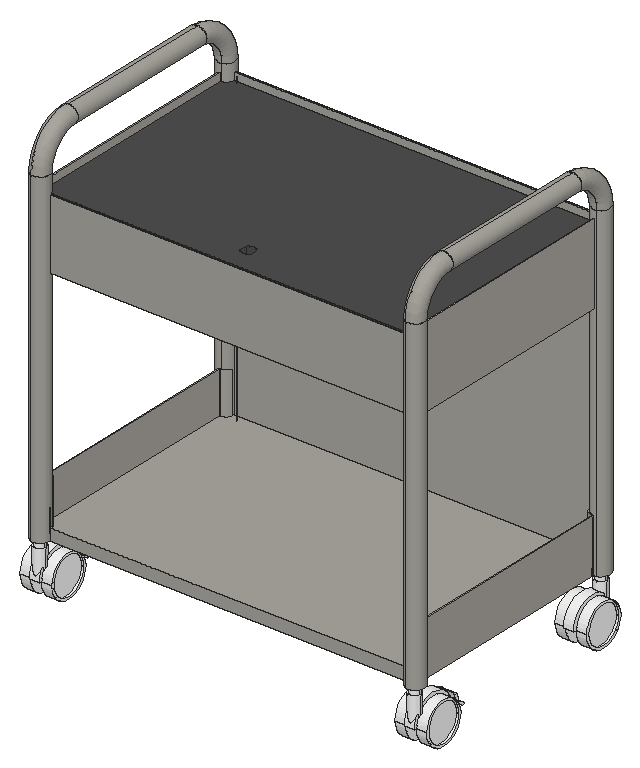
Revit family "Storage-Teknion-CQCPT_Routes_Personal_Tote-R2018", category Furniture, Revit 2018
Family settings
  OmniClass Number = 23.40.20.00
  OmniClass Title = General Furniture and Specialties
  Work Plane-Based = No
  Always vertical = Yes
  Cut with Voids When Loaded = No
  Shared = Yes
  Room Calculation Point = No
Parameters (values of type "Drawer Lock, Keyed Random, 14"d x 22"w")
  Warranty = "http://www.teknion.com/ca/papers/legal-canada"
  Unit Weight URL = "http://www.teknion.com/ca/tools/assets#&asset=bee6a381-b954-425e-8283-5a2de3a804f2,f828d448-4b62-4231-9e5f-9a8991c0ed77"
  URL = "www.teknion.com"
  To render please download texture images found here [instance] = "https://assets.teknion.com/web/5e81352c1dfdb467/revit-material-swatches/"
  Sustainability Data = "https://www.teknion.com/ca/tools/assets#&topic=216f99a5-57a0-44fc-b10a-9dee9b29ae4c&asset=444deb64-fe58-4b68-981e-f75e97781df7,b4ff2d81-9f2e-437d-9659-7cffb09c31cf"
  Surface Finish [instance] = Foundation Laminate-Teknion-6K-Matte-Black
  Series = "Routes"  # constant formula
  Product Page URL = "https://www.teknion.com/ca/products/all-products"
  Product Line = "Routes"  # constant formula
  Product Documentation Link = "https://assets.teknion.com/m/72af4764f50e983c/original/Routes-Reference-Guide.pdf"
  Part Number = "CQCPT"  # constant formula
  Model = "CQCPTY1422"
  Metal Frame Finish [instance] = Paint - Teknion - Mica - Titanium Grey
  Manufacturer Phone = "416-661-3370"  # constant formula
  Manufacturer Fax = "416.661.4586"  # constant formula
  Manufacturer Contact Information = "http://www.teknion.com/ca/contactus"
  Manufacturer Address = "1150 Flint Road, Toronto, ON. M3J 2J5. Canada"  # constant formula
  Manufacturer = "Teknion"  # constant formula
  Key Lock Cut Hole Depth [instance] = 4.1021"
  How To Use Teknion Materials User Guide [instance] = "https://assets.teknion.com/m/205dd0a49fa58060/original/How-to-add-a-Material-Library-and-Texture-Images-to-your-Revit-project.pdf"
  2D Lock = yes
  For Additional Finishes please visit [instance] = "https://assets.teknion.com/m/44a8009b046e5d47/original/Teknion_Materials_Library.zip"
  Description = "Routes Personal Tote, Drawer Lock, Keyed Random, 14\" Depth, 22\" Width"
  Assembly Code = "E2020200"
Reference planes (in)
  plane 1 "Center Front/Back": y = -0.83736
  plane 2: z = 0
  plane 3 "Center Left/Right": x = 0.32923
  plane 4 "Left": x = -11.06077
  plane 5 "Right": x = 11.71923
  plane 6 "Back": y = 6.16249
  plane 7 "Front": y = -7.83722
  plane 8 "Top": z = 24.03955
Forms (in)
  Sweep 1, solid, material "Paint - Teknion - Mica - Titanium Grey" <- "Metal Frame Finish"
    path in 3D
      loop
        line (-10.17077, 6.16225, 3.17556) -> (-10.17077, 6.16225, 21.53956)
        arc (-10.17077, 6.16225, 21.53956) -> (-10.17077, 5.43001, 23.30733) -> (-10.17077, 3.66225, 24.03956) r 2.5
    profile origin (-10.17077, 6.16225, 12.35756) x (-0.326186, 0.945305, 0) y (-0.945305, -0.326186, 0)
      loop
        circle (-0.47417, 0.16231) r 0.5
  Sweep 2, solid, material "Paint - Teknion - Mica - Titanium Grey" <- "Metal Frame Finish"
    path in 3D
      loop
        line (10.83025, -7.83605, 3.17556) -> (10.83025, -7.83605, 21.53956)
        arc (10.83025, -7.83605, 21.53956) -> (10.83025, -7.10382, 23.30733) -> (10.83025, -5.33605, 24.03956) r 2.5
    profile origin (10.83025, -7.83605, 12.35756) x (0.326186, 0.945305, 0) y (-0.945305, 0.326186, 0)
      loop
        circle (0.47417, 0.16231) r 0.5
  Sweep 3, solid, material "Paint - Teknion - Mica - Titanium Grey" <- "Metal Frame Finish"
    path in 3D
      loop
        line (10.83025, 6.16317, 3.17556) -> (10.83025, 6.16317, 21.53956)
        arc (10.83025, 6.16317, 21.53956) -> (10.83025, 5.43094, 23.30733) -> (10.83025, 3.66317, 24.03956) r 2.5
    profile origin (10.83025, 6.16317, 12.35756) x (-0.326186, 0.945305, 0) y (-0.945305, -0.326186, 0)
      loop
        circle (-0.47417, 0.16231) r 0.5
  Sweep 4, solid, material "Paint - Teknion - Mica - Titanium Grey" <- "Metal Frame Finish"
    path in 3D
      loop
        line (10.33025, 3.66395, 23.53956) -> (10.33025, -5.33605, 23.53956)
    profile origin (10.33025, -0.83605, 23.53956) x (0, 0, 1) y (-1, 0, 0)
      loop
        circle (0, -0.49933) r 0.5
  Sweep 5, solid, material "Paint - Teknion - Mica - Titanium Grey" <- "Metal Frame Finish"
    path origin (0, -0.83736, 0) x (1, 0, 0) y (0, 0, 1)
      loop
        line (0.32923, 3.86056) -> (0.32923, 3.17556)
    profile origin (0.32923, -0.83736, 3.51806) x (0, -1, 0) y (1, 0, 0)
      loop
        line (6.4884, -9.97256) -> (6.4884, 9.97275)
        arc (6.4884, 9.97275) -> (6.17286, 10.09189) -> (5.99834, 10.38051) r 0.51596
        arc (5.99834, 10.38051) -> (5.96789, 10.42351) -> (5.91785, 10.44) r 0.08419
        line (5.91785, 10.44) -> (-5.91761, 10.44)
        arc (-5.91761, 10.44) -> (-5.96757, 10.42353) -> (-5.99795, 10.38059) r 0.08403
        arc (-5.99795, 10.38059) -> (-6.14711, 10.11444) -> (-6.42048, 9.97896) r 0.5163
        line (-6.42048, 9.97896) -> (-6.42048, -9.97876)
        arc (-6.42048, -9.97876) -> (-6.14722, -10.11406) -> (-5.99797, -10.37995) r 0.51627
        arc (-5.99797, -10.37995) -> (-5.96759, -10.42292) -> (-5.91761, -10.43939) r 0.08404
        line (-5.91761, -10.43939) -> (5.91786, -10.43939)
        arc (5.91786, -10.43939) -> (5.96791, -10.42291) -> (5.99835, -10.3799) r 0.0842
        arc (5.99835, -10.3799) -> (6.17297, -10.09153) -> (6.4884, -9.97256) r 0.51594
  Sweep 6, solid, material "Foundation Laminate-Teknion-6K-Matte-Black" <- "Surface Finish"
    path origin (0, -0.83736, 0) x (1, 0, 0) y (0, 0, 1)
      loop
        line (0.32923, 20.62495) -> (0.32923, 19.93745)
    profile origin (0.32923, -0.83736, 20.2812) x (0, -1, 0) y (1, 0, 0)
      loop
        arc (-6.42439, -9.99976) -> (-6.14549, -10.14456) -> (-6.00174, -10.424) r 0.51768
        line (-6.00174, -10.424) -> (6.00174, -10.424)
        arc (6.00174, -10.424) -> (6.14521, -10.14484) -> (6.42361, -9.99989) r 0.51768
        line (6.42361, -9.99989) -> (6.42361, 10.00775)
        arc (6.42361, 10.00775) -> (6.14552, 10.14715) -> (6.00367, 10.424) r 0.5
        line (6.00367, 10.424) -> (-6.00552, 10.424)
        arc (-6.00552, 10.424) -> (-6.14698, 10.14753) -> (-6.42439, 10.00791) r 0.5
        line (-6.42439, 10.00791) -> (-6.42439, -9.99976)
  Sweep 7, solid, material "Paint - Teknion - Mica - Titanium Grey" <- "Metal Frame Finish"
    path origin (0, 0, 0) x (1, 0, 0) y (0, 1, 0)
      loop
        line (0.32923, -7.33247) -> (0.32923, -7.26735)
    profile origin (0.32923, -7.29991, 0) x (-1, 0, 0) y (0, 0, 1)
      loop
        line (9.815, 20.56175) -> (-9.815, 20.56175)
        arc (-9.815, 20.56175) -> (-9.90339, 20.52514) -> (-9.94, 20.43675) r 0.125
        line (-9.94, 20.43675) -> (-9.94, 16.74875)
        arc (-9.94, 16.74875) -> (-9.90339, 16.66036) -> (-9.815, 16.62375) r 0.125
        line (-9.815, 16.62375) -> (9.815, 16.62375)
        arc (9.815, 16.62375) -> (9.90339, 16.66036) -> (9.94, 16.74875) r 0.125
        line (9.94, 16.74875) -> (9.94, 20.43675)
        arc (9.94, 20.43675) -> (9.90339, 20.52514) -> (9.815, 20.56175) r 0.125
  Sweep 8, solid, material "Paint - Teknion - Mica - Titanium Grey" <- "Metal Frame Finish"
    path origin (0, 0, 0) x (1, 0, 0) y (0, 1, 0)
      loop
        line (0.32923, -7.26735) -> (0.32923, 5.60303)
    profile origin (0.32923, -0.83216, 0) x (-1, 0, 0) y (0, 0, 1)
      loop
        line (-9.874, 16.86402) -> (9.874, 16.86402) -> (9.874, 19.93745) -> (-9.874, 19.93745) -> (-9.874, 16.86402)
  Sweep 9, solid, material "Paint - Teknion - Mica - Titanium Grey" <- "Metal Frame Finish"
    path origin (0, 0, 0) x (1, 0, 0) y (0, 1, 0)
      loop
        line (-10.17077, -0.83736) -> (-10.11077, -0.83736)
    profile origin (-10.14077, -0.83736, 0) x (0, 1, 0) y (0, 0, 1)
      loop
        line (-6.00174, 16.53956) -> (6.00174, 16.53956) -> (6.00174, 21.03956) -> (-6.00174, 21.03956) -> (-6.00174, 16.53956)
  Sweep 10, solid, material "Paint - Teknion - Mica - Titanium Grey" <- "Metal Frame Finish"
    path origin (0.65847, 0, 0) x (-1, 0, 0) y (0, 1, 0)
      loop
        line (-10.17077, -0.83736) -> (-10.11077, -0.83736)
    profile origin (10.79923, -0.83736, 0) x (0, -1, 0) y (0, 0, 1)
      loop
        line (6.00174, 16.53956) -> (6.00174, 21.03956) -> (-6.00174, 21.03956) -> (-6.00174, 16.53956) -> (6.00174, 16.53956)
  Sweep 11, solid, material "Paint - Teknion - Mica - Titanium Grey" <- "Metal Frame Finish"
    path origin (0, 0, 0) x (1, 0, 0) y (0, 1, 0)
      loop
        line (0.32923, 5.66303) -> (0.32923, 5.60303)
    profile origin (0.32923, 5.63303, 0) x (1, 0, 0) y (0, 0, 1)
      loop
        line (9.99253, 21.03956) -> (-9.99253, 21.03956) -> (-9.99253, 3.17556) -> (9.99253, 3.17556) -> (9.99253, 21.03956)
  Sweep 12, solid, material "Paint - Teknion - Mica - Titanium Grey" <- "Metal Frame Finish"
    path origin (0.32923, 0, 0) x (0, 1, 0) y (0, 0, 1)
      loop
        line (-0.83736, 6.17556) -> (-0.83736, 3.17556)
    profile origin (0.32923, -0.83736, 4.67556) x (1, 0, 0) y (0, 1, 0)
      loop
        line (-10.44, -5.90952) -> (-10.44, 5.91031)
        arc (-10.44, 5.91031) -> (-10.43227, 5.93259) -> (-10.4124, 5.94531) r 0.036
        arc (-10.4124, 5.94531) -> (-10.1622, 6.05283) -> (-9.99177, 6.26523) r 0.5628
        line (-9.99177, 6.26523) -> (-10.04622, 6.29043)
        arc (-10.04622, 6.29043) -> (-10.19861, 6.09706) -> (-10.42642, 6.00369) r 0.48397
        arc (-10.42642, 6.00369) -> (-10.47939, 5.96975) -> (-10.5, 5.91031) r 0.09605
        line (-10.5, 5.91031) -> (-10.5, -5.90952)
        arc (-10.5, -5.90952) -> (-10.47622, -5.973) -> (-10.41659, -6.00523) r 0.09661
        arc (-10.41659, -6.00523) -> (-10.19333, -6.09738) -> (-10.04326, -6.28663) r 0.47981
        line (-10.04326, -6.28663) -> (-9.98888, -6.26127)
        arc (-9.98888, -6.26127) -> (-10.14199, -6.06599) -> (-10.36445, -5.95604) r 0.56
        line (-10.36445, -5.95604) -> (-10.4124, -5.94453)
        arc (-10.4124, -5.94453) -> (-10.43227, -5.93181) -> (-10.44, -5.90952) r 0.036
  Sweep 13, solid, material "Paint - Teknion - Mica - Titanium Grey" <- "Metal Frame Finish"
    path origin (0.32923, 0, 0) x (0, 1, 0) y (0, 0, -1)
      loop
        line (-0.83736, -6.17556) -> (-0.83736, -3.17556)
    profile origin (0.32923, -0.83736, 4.67556) x (-1, 0, 0) y (0, -1, 0)
      loop
        arc (-10.44, 5.90952) -> (-10.43227, 5.93181) -> (-10.4124, 5.94453) r 0.036
        line (-10.4124, 5.94453) -> (-10.36445, 5.95604)
        arc (-10.36445, 5.95604) -> (-10.14199, 6.06599) -> (-9.98888, 6.26127) r 0.56
        line (-9.98888, 6.26127) -> (-10.04326, 6.28663)
        arc (-10.04326, 6.28663) -> (-10.19333, 6.09738) -> (-10.41659, 6.00523) r 0.47981
        arc (-10.41659, 6.00523) -> (-10.47622, 5.973) -> (-10.5, 5.90952) r 0.09661
        line (-10.5, 5.90952) -> (-10.5, -5.91031)
        arc (-10.5, -5.91031) -> (-10.47939, -5.96975) -> (-10.42642, -6.00369) r 0.09605
        arc (-10.42642, -6.00369) -> (-10.19861, -6.09706) -> (-10.04622, -6.29043) r 0.48397
        line (-10.04622, -6.29043) -> (-9.99177, -6.26523)
        arc (-9.99177, -6.26523) -> (-10.1622, -6.05283) -> (-10.4124, -5.94531) r 0.5628
        arc (-10.4124, -5.94531) -> (-10.43227, -5.93259) -> (-10.44, -5.91031) r 0.036
        line (-10.44, -5.91031) -> (-10.44, 5.90952)
  Sweep 14, solid, material "Paint - Teknion - Mica - Very White"
    path origin (0, 0, 0) x (1, 0, 0) y (0, 1, 0)
      loop
        line (-11.06077, 4.73731) -> (-10.49577, 4.73731)
    profile origin (-10.77827, 4.73731, 0) x (0, 1, 0) y (0, 0, 1)
      loop
        circle (0.00391, 1.17857) r 1.17251
  Sweep 15, void
    path origin (0, 0, 0) x (1, 0, 0) y (0, 1, 0)
      loop
        line (-11.06077, 4.79585) -> (-10.88577, 4.79585)
    profile origin (-10.97327, 4.79585, 0) x (0, 1, 0) y (0, 0, 1)
      loop
        circle (-0.05464, 1.17857) r 1.07296
  Sweep 16, solid, material "Paint - Teknion - Mica - Very White"
    path origin (-20.34153, 9.48243, 0) x (-1, 0, 0) y (0, -1, 0)
      loop
        line (-11.06077, 4.73731) -> (-10.49577, 4.73731)
    profile origin (-9.56327, 4.74512, 0) x (0, -1, 0) y (0, 0, 1)
      loop
        circle (0.00391, 1.17857) r 1.17251
  Sweep 17, void
    path origin (-20.34153, 9.48243, 0) x (-1, 0, 0) y (0, -1, 0)
      loop
        line (-11.06077, 4.79585) -> (-10.88577, 4.79585)
    profile origin (-9.36827, 4.68658, 0) x (0, -1, 0) y (0, 0, 1)
      loop
        circle (-0.05464, 1.17857) r 1.07296
  Sweep 18, solid, material "Paint - Teknion - Mica - Very White"
    path origin (0, 0, 0) x (1, 0, 0) y (0, 1, 0)
      loop
        line (-10.45577, 4.34909) -> (-9.88577, 4.34909)
    profile origin (-10.17077, 4.34909, 0) x (0, 1, 0) y (0, 0, 1)
      loop
        line (-0.94126, 1.17745) -> (-0.72901, 1.17745)
        arc (-0.72901, 1.17745) -> (0.37107, 2.27753) -> (1.47114, 1.17745) r 1.10008
        line (1.47114, 1.17745) -> (1.68099, 1.17745)
        arc (1.68099, 1.17745) -> (0.36987, 2.48858) -> (-0.94126, 1.17745) r 1.31112
  Sweep 19, solid, material "Paint - Teknion - Mica - Very White"
    path origin (0.32923, 0, 0) x (0, 1, 0) y (0, 0, 1)
      loop
        line (5.66303, 2.79995) -> (5.66303, 1.29995)
    profile origin (0.32923, 5.66303, 2.04995) x (1, 0, 0) y (0, 1, 0)
      loop
        circle (-10.50134, -0.00212) r 0.33407
  Sweep 20, solid, material "Paint - Teknion - Mica - Very White"
    path origin (0.32923, 0, 0) x (0, 1, 0) y (0, 0, 1)
      loop
        line (5.62578, 3.55745) -> (5.62578, 1.80495)
    profile origin (0.32923, 5.62578, 2.6812) x (1, 0, 0) y (0, 1, 0)
      loop
        circle (-10.50108, 0.03791) r 0.26778
  Sweep 21, solid, material "Paint - Teknion - Mica - Very White"
    path origin (0, -1.71119, 0) x (1, 0, 0) y (0, -1, 0)
      loop
        line (-11.06077, 4.73731) -> (-10.49577, 4.73731)
    profile origin (-10.77827, -6.4485, 0) x (0, 1, 0) y (0, 0, 1)
      loop
        circle (-0.00391, 1.17857) r 1.17251
  Sweep 22, solid, material "Paint - Teknion - Mica - Very White"
    path origin (-20.34153, -11.19362, 0) x (-1, 0, 0) y (0, 1, 0)
      loop
        line (-11.06077, 4.73731) -> (-10.49577, 4.73731)
    profile origin (-9.56327, -6.45631, 0) x (0, -1, 0) y (0, 0, 1)
      loop
        circle (-0.00391, 1.17857) r 1.17251
  Sweep 23, solid, material "Paint - Teknion - Mica - Very White"
    path origin (0, -1.71119, 0) x (1, 0, 0) y (0, -1, 0)
      loop
        line (-10.45577, 4.34909) -> (-9.88577, 4.34909)
    profile origin (-10.17077, -6.06028, 0) x (0, 1, 0) y (0, 0, 1)
      loop
        arc (0.94126, 1.17745) -> (-0.36987, 2.48858) -> (-1.68099, 1.17745) r 1.31112
        line (-1.68099, 1.17745) -> (-1.47114, 1.17745)
        arc (-1.47114, 1.17745) -> (-0.37107, 2.27753) -> (0.72901, 1.17745) r 1.10008
        line (0.72901, 1.17745) -> (0.94126, 1.17745)
  Sweep 24, solid, material "Paint - Teknion - Mica - Very White"
    path origin (0.32923, -1.71119, 0) x (0, -1, 0) y (0, 0, 1)
      loop
        line (5.66303, 2.79995) -> (5.66303, 1.29995)
    profile origin (0.32923, -7.37422, 2.04995) x (1, 0, 0) y (0, 1, 0)
      loop
        circle (-10.50134, 0.00212) r 0.33407
  Sweep 25, solid, material "Paint - Teknion - Mica - Very White"
    path origin (0.32923, -1.71119, 0) x (0, -1, 0) y (0, 0, 1)
      loop
        line (5.62578, 3.55745) -> (5.62578, 1.80495)
    profile origin (0.32923, -7.33697, 2.6812) x (1, 0, 0) y (0, 1, 0)
      loop
        circle (-10.50108, -0.03791) r 0.26778
  Sweep 26, void
    path origin (0, -11.19362, 0) x (1, 0, 0) y (0, 1, 0)
      loop
        line (-11.06077, 4.79585) -> (-10.88577, 4.79585)
    profile origin (-10.97327, -6.39777, 0) x (0, 1, 0) y (0, 0, 1)
      loop
        circle (-0.05464, 1.17857) r 1.07296
  Sweep 27, void
    path origin (-20.34153, -1.71119, 0) x (-1, 0, 0) y (0, -1, 0)
      loop
        line (-11.06077, 4.79585) -> (-10.88577, 4.79585)
    profile origin (-9.36827, -6.50704, 0) x (0, -1, 0) y (0, 0, 1)
      loop
        circle (-0.05464, 1.17857) r 1.07296
  Sweep 28, solid, material "Paint - Teknion - Mica - Very White"
    path origin (-21, 0, 0) x (1, 0, 0) y (0, 1, 0)
      loop
        line (10.39173, -4.74328) -> (11.26673, -4.74328)
    profile origin (-10.17077, -4.74328, 0) x (0, 1, 0) y (0, 0, 1)
      loop
        arc (0.15534, 1.0953) -> (0.23986, 1.12115) -> (0.21402, 1.20567) r 0.0625
        line (0.21402, 1.20567) -> (-0.1214, 1.38402)
        arc (-0.1214, 1.38402) -> (-0.16594, 1.61327) -> (-0.24722, 1.8322) r 1.42918
        arc (-0.24722, 1.8322) -> (-0.33076, 1.9229) -> (-0.4513, 1.94886) r 0.20394
        arc (-0.4513, 1.94886) -> (-0.31375, 1.65142) -> (-0.24144, 1.33179) r 1.55841
        arc (-0.24144, 1.33179) -> (-0.23847, 1.3136) -> (-0.22745, 1.29884) r 0.03881
        line (-0.22745, 1.29884) -> (0.15534, 1.0953)
  Sweep 29, solid, material "Paint - Teknion - Mica - Very White"
    path origin (-21, 0, 0) x (1, 0, 0) y (0, 1, 0)
      loop
        line (10.64173, -5.5455) -> (11.01673, -5.5455)
    profile origin (-10.17077, -5.5455, 0) x (0, 1, 0) y (0, 0, 1)
      loop
        line (-0.0768, 1.47826) -> (-0.90327, 1.17745) -> (-0.03725, 0.67745)
        arc (-0.03725, 0.67745) -> (0.43372, 0.61214) -> (0.81684, 0.89373) r 0.63177
        line (0.81684, 0.89373) -> (0.93141, 1.1092) -> (0.61307, 1.27847) -> (0.61307, 1.06223)
        arc (0.61307, 1.06223) -> (0.43892, 0.86442) -> (0.19938, 0.97429) r 0.22081
        line (0.19938, 0.97429) -> (-0.0768, 1.47826)
  Sweep 30, solid, material "Paint - Teknion - Mica - Very White"
    path origin (21, 0, 0) x (1, 0, 0) y (0, 1, 0)
      loop
        line (-11.06077, 4.73731) -> (-10.49577, 4.73731)
    profile origin (10.22173, 4.73731, 0) x (0, 1, 0) y (0, 0, 1)
      loop
        circle (0.00391, 1.17857) r 1.17251
  Sweep 31, void
    path origin (21, 0, 0) x (1, 0, 0) y (0, 1, 0)
      loop
        line (-11.06077, 4.79585) -> (-10.88577, 4.79585)
    profile origin (10.02673, 4.79585, 0) x (0, 1, 0) y (0, 0, 1)
      loop
        circle (-0.05464, 1.17857) r 1.07296
  Sweep 32, solid, material "Paint - Teknion - Mica - Very White"
    path origin (0.65847, 9.48243, 0) x (-1, 0, 0) y (0, -1, 0)
      loop
        line (-11.06077, 4.73731) -> (-10.49577, 4.73731)
    profile origin (11.43673, 4.74512, 0) x (0, -1, 0) y (0, 0, 1)
      loop
        circle (0.00391, 1.17857) r 1.17251
  Sweep 33, void
    path origin (0.65847, 9.48243, 0) x (-1, 0, 0) y (0, -1, 0)
      loop
        line (-11.06077, 4.79585) -> (-10.88577, 4.79585)
    profile origin (11.63173, 4.68658, 0) x (0, -1, 0) y (0, 0, 1)
      loop
        circle (-0.05464, 1.17857) r 1.07296
  Sweep 34, solid, material "Paint - Teknion - Mica - Very White"
    path origin (21, 0, 0) x (1, 0, 0) y (0, 1, 0)
      loop
        line (-10.45577, 4.34909) -> (-9.88577, 4.34909)
    profile origin (10.82923, 4.34909, 0) x (0, 1, 0) y (0, 0, 1)
      loop
        line (-0.94126, 1.17745) -> (-0.72901, 1.17745)
        arc (-0.72901, 1.17745) -> (0.37107, 2.27753) -> (1.47114, 1.17745) r 1.10008
        line (1.47114, 1.17745) -> (1.68099, 1.17745)
        arc (1.68099, 1.17745) -> (0.36987, 2.48858) -> (-0.94126, 1.17745) r 1.31112
  Sweep 35, solid, material "Paint - Teknion - Mica - Very White"
    path origin (21.32923, 0, 0) x (0, 1, 0) y (0, 0, 1)
      loop
        line (5.66303, 2.79995) -> (5.66303, 1.29995)
    profile origin (21.32923, 5.66303, 2.04995) x (1, 0, 0) y (0, 1, 0)
      loop
        circle (-10.50134, -0.00212) r 0.33407
  Sweep 36, solid, material "Paint - Teknion - Mica - Very White"
    path origin (21.32923, 0, 0) x (0, 1, 0) y (0, 0, 1)
      loop
        line (5.62578, 3.55745) -> (5.62578, 1.80495)
    profile origin (21.32923, 5.62578, 2.6812) x (1, 0, 0) y (0, 1, 0)
      loop
        circle (-10.50108, 0.03791) r 0.26778
  Sweep 37, solid, material "Paint - Teknion - Mica - Very White"
    path origin (21, -1.71119, 0) x (1, 0, 0) y (0, -1, 0)
      loop
        line (-11.06077, 4.73731) -> (-10.49577, 4.73731)
    profile origin (10.22173, -6.4485, 0) x (0, 1, 0) y (0, 0, 1)
      loop
        circle (-0.00391, 1.17857) r 1.17251
  Sweep 38, solid, material "Paint - Teknion - Mica - Very White"
    path origin (0.65847, -11.19362, 0) x (-1, 0, 0) y (0, 1, 0)
      loop
        line (-11.06077, 4.73731) -> (-10.49577, 4.73731)
    profile origin (11.43673, -6.45631, 0) x (0, -1, 0) y (0, 0, 1)
      loop
        circle (-0.00391, 1.17857) r 1.17251
  Sweep 39, solid, material "Paint - Teknion - Mica - Very White"
    path origin (21, -1.71119, 0) x (1, 0, 0) y (0, -1, 0)
      loop
        line (-10.45577, 4.34909) -> (-9.88577, 4.34909)
    profile origin (10.82923, -6.06028, 0) x (0, 1, 0) y (0, 0, 1)
      loop
        arc (0.94126, 1.17745) -> (-0.36987, 2.48858) -> (-1.68099, 1.17745) r 1.31112
        line (-1.68099, 1.17745) -> (-1.47114, 1.17745)
        arc (-1.47114, 1.17745) -> (-0.37107, 2.27753) -> (0.72901, 1.17745) r 1.10008
        line (0.72901, 1.17745) -> (0.94126, 1.17745)
  Sweep 40, solid, material "Paint - Teknion - Mica - Very White"
    path origin (21.32923, -1.71119, 0) x (0, -1, 0) y (0, 0, 1)
      loop
        line (5.66303, 2.79995) -> (5.66303, 1.29995)
    profile origin (21.32923, -7.37422, 2.04995) x (1, 0, 0) y (0, 1, 0)
      loop
        circle (-10.50134, 0.00212) r 0.33407
  Sweep 41, solid, material "Paint - Teknion - Mica - Very White"
    path origin (21.32923, -1.71119, 0) x (0, -1, 0) y (0, 0, 1)
      loop
        line (5.62578, 3.55745) -> (5.62578, 1.80495)
    profile origin (21.32923, -7.33697, 2.6812) x (1, 0, 0) y (0, 1, 0)
      loop
        circle (-10.50108, -0.03791) r 0.26778
  Sweep 42, void
    path origin (21, -11.19362, 0) x (1, 0, 0) y (0, 1, 0)
      loop
        line (-11.06077, 4.79585) -> (-10.88577, 4.79585)
    profile origin (10.02673, -6.39777, 0) x (0, 1, 0) y (0, 0, 1)
      loop
        circle (-0.05464, 1.17857) r 1.07296
  Sweep 43, void
    path origin (0.65847, -1.71119, 0) x (-1, 0, 0) y (0, -1, 0)
      loop
        line (-11.06077, 4.79585) -> (-10.88577, 4.79585)
    profile origin (11.63173, -6.50704, 0) x (0, -1, 0) y (0, 0, 1)
      loop
        circle (-0.05464, 1.17857) r 1.07296
  Sweep 44, solid, material "Paint - Teknion - Mica - Very White"
    path origin (0, 0, 0) x (1, 0, 0) y (0, 1, 0)
      loop
        line (10.39173, -4.74328) -> (11.26673, -4.74328)
    profile origin (10.82923, -4.74328, 0) x (0, 1, 0) y (0, 0, 1)
      loop
        arc (0.15534, 1.0953) -> (0.23986, 1.12115) -> (0.21402, 1.20567) r 0.0625
        line (0.21402, 1.20567) -> (-0.1214, 1.38402)
        arc (-0.1214, 1.38402) -> (-0.16594, 1.61327) -> (-0.24722, 1.8322) r 1.42918
        arc (-0.24722, 1.8322) -> (-0.33076, 1.9229) -> (-0.4513, 1.94886) r 0.20394
        arc (-0.4513, 1.94886) -> (-0.31375, 1.65142) -> (-0.24144, 1.33179) r 1.55841
        arc (-0.24144, 1.33179) -> (-0.23847, 1.3136) -> (-0.22745, 1.29884) r 0.03881
        line (-0.22745, 1.29884) -> (0.15534, 1.0953)
  Sweep 45, solid, material "Paint - Teknion - Mica - Very White"
    path origin (0, 0, 0) x (1, 0, 0) y (0, 1, 0)
      loop
        line (10.64173, -5.5455) -> (11.01673, -5.5455)
    profile origin (10.82923, -5.5455, 0) x (0, 1, 0) y (0, 0, 1)
      loop
        line (-0.0768, 1.47826) -> (-0.90327, 1.17745) -> (-0.03725, 0.67745)
        arc (-0.03725, 0.67745) -> (0.43372, 0.61214) -> (0.81684, 0.89373) r 0.63177
        line (0.81684, 0.89373) -> (0.93141, 1.1092) -> (0.61307, 1.27847) -> (0.61307, 1.06223)
        arc (0.61307, 1.06223) -> (0.43892, 0.86442) -> (0.19938, 0.97429) r 0.22081
        line (0.19938, 0.97429) -> (-0.0768, 1.47826)
  Sweep 46, void
    path origin (0, -0.83736, 0) x (1, 0, 0) y (0, 0, 1)
      loop
        line (0.32923, 24.03955) -> (0.32923, 19.93745)
    profile origin (0.32923, -0.83736, 21.9885) x (0, -1, 0) y (1, 0, 0)
      loop
        arc (5.24144, -0.31496) -> (5.41698, 0) -> (5.24144, 0.31496) r 0.37034
        line (5.24144, 0.31496) -> (4.83438, 0.31496)
        arc (4.83438, 0.31496) -> (4.66411, 0) -> (4.83438, -0.31496) r 0.37643
        line (4.83438, -0.31496) -> (5.24144, -0.31496)
  Sweep 47, solid, material "Paint - Teknion - Mica - Titanium Grey" <- "Metal Frame Finish"
    path in 3D
      loop
        line (-10.16975, -7.83605, 3.17556) -> (-10.16975, -7.83605, 21.53956)
        arc (-10.16975, -7.83605, 21.53956) -> (-10.16975, -7.10382, 23.30733) -> (-10.16975, -5.33605, 24.03956) r 2.5
    profile origin (-10.16975, -7.83605, 12.35756) x (0.326186, 0.945305, 0) y (-0.945305, 0.326186, 0)
      loop
        circle (0.47417, 0.16231) r 0.5
  Sweep 48, solid, material "Paint - Teknion - Mica - Titanium Grey" <- "Metal Frame Finish"
    path in 3D
      loop
        line (-10.66975, 3.66395, 23.53956) -> (-10.66975, -5.33605, 23.53956)
    profile origin (-10.66975, -0.83605, 23.53956) x (0, 0, 1) y (-1, 0, 0)
      loop
        circle (0, -0.49933) r 0.5
Cuts and joins
  Sweep 15, Sweep 17, Sweep 26, Sweep 31 cuts Sweep 14
  Sweep 17, Sweep 27, Sweep 33 cuts Sweep 16
  Sweep 26, Sweep 42 cuts Sweep 21
  Sweep 27, Sweep 43 cuts Sweep 22
  Sweep 31 cuts Sweep 30
  Sweep 33 cuts Sweep 32
  Sweep 42 cuts Sweep 37
  Sweep 43 cuts Sweep 38
  Sweep 46 cuts Sweep 6
Lines and regions (in)
  Masking region 1
    outline origin (0, 0, 0) x (1, 0, 0) y (0, 1, 0)
      loop
        line (-10.66883, 5.68582) -> (-10.66883, -7.33564)
        arc (-10.66883, -7.33564) -> (-10.16954, -7.83493) -> (-9.67026, -7.33564) r 0.49928
        line (-9.67026, -7.33564) -> (-9.67026, 5.68582)
        arc (-9.67026, 5.68582) -> (-10.16954, 6.1851) -> (-10.66883, 5.68582) r 0.49928
  Masking region 2
    outline origin (0, 0, 0) x (1, 0, 0) y (0, 1, 0)
      loop
        line (-10.61377, 5.91372) -> (-11.06077, 5.91372) -> (-11.06077, 3.5687) -> (-10.66883, 3.5687) -> (-10.66883, 5.68582)
        arc (-10.66883, 5.68582) -> (-10.65487, 5.80305) -> (-10.61377, 5.91372) r 0.49928
      loop
        arc (-9.7308, 5.91372) -> (-9.68518, 5.79756) -> (-9.66965, 5.67372) r 0.5016
        line (-9.66965, 5.67372) -> (-9.28089, 5.67372) -> (-9.28089, 5.91372) -> (-9.7308, 5.91372)
      loop
        arc (11.27224, 5.91372) -> (11.31333, 5.80305) -> (11.32729, 5.68582) r 0.49928
        line (11.32729, 5.68582) -> (11.32729, 3.5687) -> (11.71923, 3.5687) -> (11.71923, 5.91372) -> (11.27224, 5.91372)
      loop
        line (10.38926, 5.91372) -> (9.93936, 5.91372) -> (9.93936, 5.67372) -> (10.32812, 5.67372)
        arc (10.32812, 5.67372) -> (10.34365, 5.79756) -> (10.38926, 5.91372) r 0.5016
      loop
        line (9.93923, -7.62492) -> (10.42422, -7.62492)
        arc (10.42422, -7.62492) -> (10.35524, -7.48713) -> (10.33132, -7.33487) r 0.5
        line (10.33132, -7.33487) -> (10.33132, -7.25028) -> (9.93923, -7.25028) -> (9.93923, -7.62492)
      loop
        line (11.32937, -5.2799) -> (11.32937, -7.38094)
        arc (11.32937, -7.38094) -> (11.30022, -7.50892) -> (11.23877, -7.62492) r 0.5
        line (11.23877, -7.62492) -> (11.71923, -7.62492) -> (11.71923, -5.2799) -> (11.32937, -5.2799)
      loop
        line (-9.28077, -7.62492) -> (-9.28077, -7.25028) -> (-9.67285, -7.25028) -> (-9.67285, -7.33487)
        arc (-9.67285, -7.33487) -> (-9.69677, -7.48713) -> (-9.76575, -7.62492) r 0.5
        line (-9.76575, -7.62492) -> (-9.28077, -7.62492)
      loop
        line (-10.6709, -5.2799) -> (-11.06077, -5.2799) -> (-11.06077, -7.62492) -> (-10.5803, -7.62492)
        arc (-10.5803, -7.62492) -> (-10.64175, -7.50892) -> (-10.6709, -7.38094) r 0.5
        line (-10.6709, -7.38094) -> (-10.6709, -5.2799)
  Masking region 3
    outline origin (0.65847, 0, 0) x (0, 1, 0) y (-1, 0, 0)
      loop
        arc (5.68582, -10.66883) -> (6.1851, -10.16954) -> (5.68582, -9.67026) r 0.49928
        line (5.68582, -9.67026) -> (-7.33886, -9.67026)
        arc (-7.33886, -9.67026) -> (-7.83815, -10.16954) -> (-7.33886, -10.66883) r 0.49928
        line (-7.33886, -10.66883) -> (5.68582, -10.66883)
  Masking region 4
    outline origin (0, 0, 0) x (1, 0, 0) y (0, 1, 0)
      loop
        line (-9.66965, 5.67372) -> (-9.66965, 5.58703) -> (10.32872, 5.58703) -> (10.32872, 5.67372) -> (-9.66965, 5.67372)
  Masking region 5
    outline origin (0, 0, 0) x (1, 0, 0) y (0, 1, 0)
      loop
        line (-9.66965, 5.58703) -> (-9.66965, -7.25028) -> (10.33132, -7.25028) -> (10.33132, 5.58703) -> (-9.66965, 5.58703)
  Masking region 6
    outline origin (0, 0, 0) x (1, 0, 0) y (0, 1, 0)
      loop
        line (-9.67066, -7.25028) -> (-9.67066, -7.33247) -> (10.33132, -7.33247) -> (10.33132, -7.25028) -> (-9.67066, -7.25028)
  Masking region 7
    outline origin (0, 0, 0) x (1, 0, 0) y (0, 1, 0)
      loop
        line (-9.66965, 5.58703) -> (-9.66965, -7.25028) -> (10.33132, -7.25028) -> (10.33132, 5.58703) -> (-9.66965, 5.58703)
  sketch lines
    curve 1: line (-10.17077, 6.16225, 3.17556) -> (-10.17077, 6.16225, 21.53956)
    curve 2: arc (-10.17077, 3.66225, 24.03956) -> (-10.17077, 5.43001, 23.30733) -> (-10.17077, 6.16225, 21.53956) r 2.5
    curve 3: line (10.83025, -7.83605, 3.17556) -> (10.83025, -7.83605, 21.53956)
    curve 4: arc (10.83025, -5.33605, 24.03956) -> (10.83025, -7.10382, 23.30733) -> (10.83025, -7.83605, 21.53956) r 2.5
    curve 5: line (10.83025, 6.16317, 3.17556) -> (10.83025, 6.16317, 21.53956)
    curve 6: arc (10.83025, 3.66317, 24.03956) -> (10.83025, 5.43094, 23.30733) -> (10.83025, 6.16317, 21.53956) r 2.5
    curve 7: line (10.33025, 3.66395, 23.53956) -> (10.33025, -5.33605, 23.53956)
    curve 8: line (-10.16975, -7.83605, 3.17556) -> (-10.16975, -7.83605, 21.53956)
    curve 9: arc (-10.16975, -5.33605, 24.03956) -> (-10.16975, -7.10382, 23.30733) -> (-10.16975, -7.83605, 21.53956) r 2.5
    curve 10: line (-10.66975, 3.66395, 23.53956) -> (-10.66975, -5.33605, 23.53956)
  symbolic lines, visible <- "2D Lock"
    curve 11: line (0.01427, -5.67174, 0) -> (0.01427, -6.07881, 0)
    curve 12: arc (0.64419, -5.67174, 0) -> (0.32923, -5.50147, 0) -> (0.01427, -5.67174, 0) r 0.37643
    curve 13: line (0.64419, -6.07881, 0) -> (0.64419, -5.67174, 0)
    curve 14: arc (0.01427, -6.07881, 0) -> (0.32923, -6.25434, 0) -> (0.64419, -6.07881, 0) r 0.37034
  symbolic lines, style "FurnitureHiddenLines", detail levels fine
    curve 15: line (-9.28089, 5.67372, 0) -> (-9.28077, 3.5687, 0)
    curve 16: line (-9.84577, 3.5687, 0) -> (-9.28077, 3.5687, 0)
    curve 17: line (-9.84577, 3.5687, 0) -> (-9.84577, 5.91372, 0)
    curve 18: line (-9.84577, 5.91372, 0) -> (-9.7308, 5.91372, 0)
    curve 19: line (-10.61377, 5.91372, 0) -> (-10.49577, 5.91372, 0)
    curve 20: line (-10.49577, 5.91372, 0) -> (-10.49577, 3.5687, 0)
    curve 21: line (-10.49577, 3.5687, 0) -> (-10.66883, 3.5687, 0)
    curve 22: line (-10.45577, 3.40783, 0) -> (-9.88577, 3.40783, 0)
    curve 23: line (-10.45577, 6.03008, 0) -> (-10.45577, 3.40783, 0)
    curve 24: line (-9.88577, 6.03008, 0) -> (-10.45577, 6.03008, 0)
    curve 25: line (-9.88577, 3.40783, 0) -> (-9.88577, 6.03008, 0)
    curve 26: arc (-9.83804, 5.66091, 0) -> (-10.17211, 5.99498, 0) -> (-10.50618, 5.66091, 0) r 0.33407
    curve 27: arc (-10.50618, 5.66091, 0) -> (-10.17211, 5.32684, 0) -> (-9.83804, 5.66091, 0) r 0.33407
    curve 28: arc (-9.90407, 5.66369, 0) -> (-10.17185, 5.93147, 0) -> (-10.43963, 5.66369, 0) r 0.26778
    curve 29: arc (-10.43963, 5.66369, 0) -> (-10.17185, 5.39591, 0) -> (-9.90407, 5.66369, 0) r 0.26778
    curve 37: arc (-9.83804, -7.37211, 0) -> (-10.17211, -7.03803, 0) -> (-10.50618, -7.37211, 0) r 0.33407
    curve 38: arc (-10.50618, -7.37211, 0) -> (-10.17211, -7.70618, 0) -> (-9.83804, -7.37211, 0) r 0.33407
    curve 39: arc (-9.90407, -7.36933, 0) -> (-10.17185, -7.10155, 0) -> (-10.43963, -7.36933, 0) r 0.26778
    curve 40: arc (-10.43963, -7.36933, 0) -> (-10.17185, -7.63711, 0) -> (-9.90407, -7.36933, 0) r 0.26778
    curve 41: arc (11.16196, -7.37211, 0) -> (10.82789, -7.03803, 0) -> (10.49382, -7.37211, 0) r 0.33407
    curve 42: arc (10.49382, -7.37211, 0) -> (10.82789, -7.70618, 0) -> (11.16196, -7.37211, 0) r 0.33407
    curve 43: arc (11.09593, -7.36933, 0) -> (10.82815, -7.10155, 0) -> (10.56037, -7.36933, 0) r 0.26778
    curve 44: arc (10.56037, -7.36933, 0) -> (10.82815, -7.63711, 0) -> (11.09593, -7.36933, 0) r 0.26778
    curve 45: arc (11.16196, 5.66091, 0) -> (10.82789, 5.99498, 0) -> (10.49382, 5.66091, 0) r 0.33407
    curve 46: arc (10.49382, 5.66091, 0) -> (10.82789, 5.32684, 0) -> (11.16196, 5.66091, 0) r 0.33407
    curve 47: arc (11.09593, 5.66369, 0) -> (10.82815, 5.93147, 0) -> (10.56037, 5.66369, 0) r 0.26778
    curve 48: arc (10.56037, 5.66369, 0) -> (10.82815, 5.39591, 0) -> (11.09593, 5.66369, 0) r 0.26778
    curve 49: line (9.93936, 5.67372, 0) -> (9.93923, 3.5687, 0)
    curve 50: line (9.93923, 3.5687, 0) -> (10.50423, 3.5687, 0)
    curve 51: line (10.50423, 3.5687, 0) -> (10.50423, 5.91372, 0)
    curve 52: line (10.50423, 5.91372, 0) -> (10.38926, 5.91372, 0)
    curve 53: line (11.27224, 5.91372, 0) -> (11.15423, 5.91372, 0)
    curve 54: line (11.15423, 5.91372, 0) -> (11.15423, 3.5687, 0)
    curve 55: line (11.15423, 3.5687, 0) -> (11.32729, 3.5687, 0)
    curve 56: line (10.54423, 3.40783, 0) -> (11.11423, 3.40783, 0)
    curve 58: line (9.93923, -7.33247, 0) -> (9.93923, -5.2799, 0)
    curve 59: line (9.93923, -5.2799, 0) -> (10.50423, -5.2799, 0)
    curve 60: line (10.50423, -5.2799, 0) -> (10.50423, -7.62492, 0)
    curve 61: line (10.50423, -7.62492, 0) -> (10.42422, -7.62492, 0)
    curve 62: line (11.32937, -5.2799, 0) -> (11.15423, -5.2799, 0)
    curve 63: line (11.15423, -5.2799, 0) -> (11.15423, -7.62492, 0)
    curve 64: line (11.15423, -7.62492, 0) -> (11.23877, -7.62492, 0)
    curve 65: line (10.54423, -5.11903, 0) -> (11.11423, -5.11903, 0)
    curve 66: line (10.64173, -4.61409, 0) -> (11.01673, -4.61409, 0)
    curve 67: line (10.64173, -6.44877, 0) -> (10.64173, -4.61409, 0)
    curve 68: line (11.01673, -6.44877, 0) -> (10.64173, -6.44877, 0)
    curve 69: line (11.01673, -4.61409, 0) -> (11.01673, -6.44877, 0)
    curve 70: line (10.39173, -4.4961, 0) -> (11.26673, -4.4961, 0)
    curve 71: line (10.39173, -5.19458, 0) -> (10.39173, -4.4961, 0)
    curve 72: line (11.26673, -5.19458, 0) -> (10.39173, -5.19458, 0)
    curve 73: line (11.26673, -4.4961, 0) -> (11.26673, -5.19458, 0)
    curve 74: line (-10.60827, -4.4961, 0) -> (-9.73327, -4.4961, 0)
    curve 75: line (-10.60827, -5.19458, 0) -> (-10.60827, -4.4961, 0)
    curve 76: line (-9.73327, -5.19458, 0) -> (-10.60827, -5.19458, 0)
    curve 77: line (-9.73327, -4.4961, 0) -> (-9.73327, -5.19458, 0)
    curve 78: line (-10.35827, -4.61409, 0) -> (-9.98327, -4.61409, 0)
    curve 79: line (-10.35827, -6.44877, 0) -> (-10.35827, -4.61409, 0)
    curve 80: line (-9.98327, -6.44877, 0) -> (-10.35827, -6.44877, 0)
    curve 81: line (-9.98327, -4.61409, 0) -> (-9.98327, -6.44877, 0)
    curve 82: line (-10.6709, -5.2799, 0) -> (-10.49577, -5.2799, 0)
    curve 83: line (-10.49577, -5.2799, 0) -> (-10.49577, -7.62492, 0)
    curve 84: line (-10.49577, -7.62492, 0) -> (-10.5803, -7.62492, 0)
    curve 85: line (-9.76575, -7.62492, 0) -> (-9.84577, -7.62492, 0)
    curve 86: line (-9.84577, -7.62492, 0) -> (-9.84577, -5.2799, 0)
    curve 87: line (-9.84577, -5.2799, 0) -> (-9.28077, -5.2799, 0)
    curve 88: line (-9.28077, -5.2799, 0) -> (-9.28077, -7.33247, 0)
  symbolic lines, style "FurnitureHiddenLines", detail levels medium+fine
    curve 30: line (-10.45577, 6.03008, 0) -> (-9.88577, 6.03008, 0)
    curve 31: line (-10.45577, -7.74127, 0) -> (-10.45577, 6.03008, 0)
    curve 32: line (-9.88577, -7.74127, 0) -> (-10.45577, -7.74127, 0)
    curve 33: line (-9.88577, 6.03008, 0) -> (-9.88577, -7.74127, 0)
    curve 34: line (10.54423, -7.74127, 0) -> (10.54423, 6.03008, 0)
    curve 35: line (11.11423, -7.74127, 0) -> (10.54423, -7.74127, 0)
    curve 36: line (11.11423, 6.03008, 0) -> (11.11423, -7.74127, 0)
    curve 57: line (10.54423, 6.03008, 0) -> (11.11423, 6.03008, 0)
Dimensions and locks (in)
  plane 4 "Left" to plane 5 "Right" = 22.780"
  plane 6 "Back" to plane 7 "Front" = 13.99971"
  plane 8 "Top" to level = 24.03955"
  equal spacing: plane 4 "Left", plane 3 "Center Left/Right", plane 5 "Right"
  equal spacing: plane 7 "Front", plane 1 "Center Front/Back", plane 6 "Back"
  "Key Lock Cut Hole Depth": plane 8 "Top" to Sweep 46 sketch curve
  aligned and locked: level to plane 2
  aligned and locked: plane 8 "Top" to Sweep 46 sketch curve
Automatic sketch dimensions
  profile plane to Sweep 1 sketch curve = 0.16231"
  profile plane to Sweep 1 sketch curve = 0.47417"
  profile plane to Sweep 2 sketch curve = 0.16231"
  Sweep 2 sketch curve to profile plane = 0.47417"
  profile plane to Sweep 3 sketch curve = 0.16231"
  profile plane to Sweep 3 sketch curve = 0.47417"
  Sweep 4 sketch curve to profile plane = 0.000"
  Sweep 4 sketch curve to profile plane = 0.49933"
  Sweep 5 sketch curve to plane 3 "Center Left/Right" = 0.000"
  level to Sweep 5 sketch curve = 3.17556"
  Sweep 5 sketch curve to Sweep 5 sketch curve = 0.685"
  Sweep 5 sketch curve to plane 1 "Center Front/Back" = 6.50281"
  Sweep 5 sketch curve to plane 1 "Center Front/Back" = 6.50272"
  Sweep 5 sketch curve to Sweep 5 sketch curve = 0.08224"
  Sweep 5 sketch curve to Sweep 5 sketch curve = 0.5851"
  Sweep 5 sketch curve to Sweep 5 sketch curve = 0.5852"
  plane 1 "Center Front/Back" to Sweep 5 sketch curve = 5.91785"
  plane 1 "Center Front/Back" to Sweep 5 sketch curve = 5.91786"
  Sweep 5 sketch curve to Sweep 5 sketch curve = 0.57055"
  Sweep 5 sketch curve to Sweep 5 sketch curve = 0.01438"
  Sweep 5 sketch curve to Sweep 5 sketch curve = 0.01447"
  profile plane to Sweep 5 sketch curve = 10.48845"
  profile plane to Sweep 5 sketch curve = 10.4883"
  Sweep 5 sketch curve to Sweep 5 sketch curve = 0.04891"
  Sweep 5 sketch curve to Sweep 5 sketch curve = 0.08404"
  Sweep 5 sketch curve to Sweep 5 sketch curve = 0.0842"
  Sweep 5 sketch curve to Sweep 5 sketch curve = 0.50968"
  Sweep 5 sketch curve to Sweep 5 sketch curve = 0.51574"
  Sweep 5 sketch curve to profile plane = 9.97275"
  Sweep 5 sketch curve to profile plane = 9.97896"
  Sweep 5 sketch curve to Sweep 5 sketch curve = 0.38305"
  Sweep 5 sketch curve to Sweep 5 sketch curve = 0.37701"
  Sweep 5 sketch curve to Sweep 5 sketch curve = 0.08403"
  Sweep 5 sketch curve to Sweep 5 sketch curve = 0.51576"
  Sweep 5 sketch curve to Sweep 5 sketch curve = 0.50969"
  Sweep 6 sketch curve to plane 3 "Center Left/Right" = 0.000"
  Sweep 6 sketch curve to plane 8 "Top" = 4.1021"
  Sweep 6 sketch curve to Sweep 6 sketch curve = 0.6875"
  Sweep 6 sketch curve to plane 1 "Center Front/Back" = 6.51223"
  Sweep 6 sketch curve to plane 1 "Center Front/Back" = 6.49935"
  Sweep 6 sketch curve to Sweep 6 sketch curve = 0.07496"
  Sweep 6 sketch curve to Sweep 6 sketch curve = 0.49384"  (x2)
  Sweep 6 sketch curve to Sweep 6 sketch curve = 0.5105"
  plane 1 "Center Front/Back" to Sweep 6 sketch curve = 6.00174"
  plane 1 "Center Front/Back" to Sweep 6 sketch curve = 6.00367"
  Sweep 6 sketch curve to Sweep 6 sketch curve = 0.41994"
  Sweep 6 sketch curve to Sweep 6 sketch curve = 0.08863"
  profile plane to Sweep 6 sketch curve = 10.50993"  (x2)
  Sweep 6 sketch curve to Sweep 6 sketch curve = 0.08593"
  Sweep 6 sketch curve to profile plane = 10.00775"
  Sweep 6 sketch curve to profile plane = 10.00791"
  Sweep 6 sketch curve to Sweep 6 sketch curve = 0.41609"
  Sweep 7 sketch curve to plane 3 "Center Left/Right" = 0.000"
  Sweep 7 sketch curve to plane 7 "Front" = 0.50475"
  Sweep 7 sketch curve to Sweep 7 sketch curve = 0.06512"
  profile plane to Sweep 7 sketch curve = 9.940"
  Sweep 7 sketch curve to Sweep 7 sketch curve = 0.125"  (x3)
  Sweep 7 sketch curve to profile plane = 9.815"
  Sweep 7 sketch curve to Sweep 7 sketch curve = 0.000"
  level to Sweep 7 sketch curve = 16.62375"
  Sweep 7 sketch curve to Sweep 7 sketch curve = 3.688"
  Sweep 8 sketch curve to plane 3 "Center Left/Right" = 0.000"
  Sweep 8 sketch curve to plane 7 "Front" = 0.56987"
  Sweep 8 sketch curve to plane 6 "Back" = 0.55947"
  profile plane to Sweep 8 sketch curve = 9.874"
  Sweep 8 sketch curve to profile plane = 9.874"
  level to Sweep 8 sketch curve = 16.86402"
  Sweep 8 sketch curve to Sweep 8 sketch curve = 3.07343"
  plane 1 "Center Front/Back" to Sweep 9 sketch curve = 0.000"
  plane 4 "Left" to Sweep 9 sketch curve = 0.890"
  Sweep 9 sketch curve to Sweep 9 sketch curve = 0.060"
  profile plane to Sweep 9 sketch curve = 6.00174"
  Sweep 9 sketch curve to profile plane = 6.00174"
  level to Sweep 9 sketch curve = 16.53956"
  Sweep 9 sketch curve to Sweep 9 sketch curve = 4.500"
  plane 1 "Center Front/Back" to Sweep 10 sketch curve = 0.000"
  Sweep 10 sketch curve to plane 5 "Right" = 0.890"
  Sweep 10 sketch curve to Sweep 10 sketch curve = 0.060"
  profile plane to Sweep 10 sketch curve = 6.00174"
  Sweep 10 sketch curve to profile plane = 6.00174"
  level to Sweep 10 sketch curve = 16.53956"
  Sweep 10 sketch curve to Sweep 10 sketch curve = 4.500"
  Sweep 11 sketch curve to plane 3 "Center Left/Right" = 0.000"
  Sweep 11 sketch curve to plane 6 "Back" = 0.55947"
  Sweep 11 sketch curve to Sweep 11 sketch curve = 0.060"
  profile plane to Sweep 11 sketch curve = 9.99253"
  level to Sweep 11 sketch curve = 3.17556"
  Sweep 11 sketch curve to profile plane = 9.99253"
  Sweep 11 sketch curve to Sweep 11 sketch curve = 17.864"
  Sweep 12 sketch curve to plane 1 "Center Front/Back" = 0.000"
  level to Sweep 12 sketch curve = 3.17556"
  Sweep 12 sketch curve to Sweep 12 sketch curve = 3.000"
  Sweep 12 sketch curve to plane 3 "Center Left/Right" = 10.5029"
  Sweep 12 sketch curve to plane 3 "Center Left/Right" = 10.500"
  Sweep 12 sketch curve to Sweep 12 sketch curve = 0.00482"
  Sweep 12 sketch curve to Sweep 12 sketch curve = 0.01287"
  Sweep 12 sketch curve to Sweep 12 sketch curve = 0.01304"
  Sweep 12 sketch curve to Sweep 12 sketch curve = 0.060"
  profile plane to Sweep 12 sketch curve = 5.94453"
  Sweep 12 sketch curve to Sweep 12 sketch curve = 0.0276"
  Sweep 12 sketch curve to Sweep 12 sketch curve = 0.036"  (x2)
  Sweep 12 sketch curve to Sweep 12 sketch curve = 0.00005"
  Sweep 12 sketch curve to Sweep 12 sketch curve = 0.00061"
  profile plane to Sweep 12 sketch curve = 5.95604"
  Sweep 12 sketch curve to Sweep 12 sketch curve = 0.04796"
  Sweep 12 sketch curve to Sweep 12 sketch curve = 0.44381"
  profile plane to Sweep 12 sketch curve = 6.28663"
  Sweep 12 sketch curve to Sweep 12 sketch curve = 0.32119"
  Sweep 12 sketch curve to profile plane = 6.26523"
  Sweep 12 sketch curve to Sweep 12 sketch curve = 0.05445"
  profile plane to Sweep 12 sketch curve = 6.26127"
  Sweep 12 sketch curve to Sweep 12 sketch curve = 0.05438"
  Sweep 12 sketch curve to Sweep 12 sketch curve = 0.02003"
  Sweep 12 sketch curve to Sweep 12 sketch curve = 0.000"  (x2)
  Sweep 12 sketch curve to Sweep 12 sketch curve = 0.35493"
  Sweep 12 sketch curve to Sweep 12 sketch curve = 0.0252"
  Sweep 12 sketch curve to Sweep 12 sketch curve = 0.19304"
  Sweep 12 sketch curve to Sweep 12 sketch curve = 0.01732"
  Sweep 13 sketch curve to plane 1 "Center Front/Back" = 0.000"
  level to Sweep 13 sketch curve = 6.17556"
  Sweep 13 sketch curve to Sweep 13 sketch curve = 3.000"
  Sweep 13 sketch curve to profile plane = 10.5029"
  Sweep 13 sketch curve to profile plane = 10.500"
  Sweep 13 sketch curve to Sweep 13 sketch curve = 0.00482"
  Sweep 13 sketch curve to Sweep 13 sketch curve = 0.01287"
  Sweep 13 sketch curve to Sweep 13 sketch curve = 0.01304"
  Sweep 13 sketch curve to Sweep 13 sketch curve = 0.060"
  Sweep 13 sketch curve to profile plane = 5.94453"
  Sweep 13 sketch curve to Sweep 13 sketch curve = 0.0276"
  Sweep 13 sketch curve to Sweep 13 sketch curve = 0.0084"
  Sweep 13 sketch curve to Sweep 13 sketch curve = 0.036"
  Sweep 13 sketch curve to Sweep 13 sketch curve = 0.00005"
  Sweep 13 sketch curve to Sweep 13 sketch curve = 0.00061"
  Sweep 13 sketch curve to profile plane = 5.95604"
  Sweep 13 sketch curve to Sweep 13 sketch curve = 0.04796"
  Sweep 13 sketch curve to Sweep 13 sketch curve = 0.44381"
  Sweep 13 sketch curve to profile plane = 6.28663"
  Sweep 13 sketch curve to Sweep 13 sketch curve = 0.32119"
  profile plane to Sweep 13 sketch curve = 6.26523"
  Sweep 13 sketch curve to Sweep 13 sketch curve = 0.05445"
  Sweep 13 sketch curve to profile plane = 6.26127"
  Sweep 13 sketch curve to Sweep 13 sketch curve = 0.05438"
  Sweep 13 sketch curve to Sweep 13 sketch curve = 0.0252"
  Sweep 13 sketch curve to Sweep 13 sketch curve = 0.19304"
  Sweep 13 sketch curve to Sweep 13 sketch curve = 0.01732"
  Sweep 13 sketch curve to Sweep 13 sketch curve = 0.38012"
  Sweep 13 sketch curve to Sweep 13 sketch curve = 0.000"  (x2)
  Sweep 13 sketch curve to Sweep 13 sketch curve = 0.02003"
  Sweep 14 sketch curve to plane 4 "Left" = 0.000"
  plane 4 "Left" to Sweep 14 sketch curve = 0.565"
  Sweep 14 sketch curve to plane 6 "Back" = 1.42519"
  Sweep 14 sketch curve to profile plane = 0.00391"
  level to Sweep 14 sketch curve = 1.17857"
  Sweep 15 sketch curve to plane 4 "Left" = 0.000"
  plane 4 "Left" to Sweep 15 sketch curve = 0.175"
  Sweep 15 sketch curve to plane 6 "Back" = 1.36664"
  profile plane to Sweep 15 sketch curve = 0.05464"
  level to Sweep 15 sketch curve = 1.17857"
  plane 4 "Left" to Sweep 16 sketch curve = 1.780"
  Sweep 16 sketch curve to plane 6 "Back" = 1.41737"
  Sweep 16 sketch curve to Sweep 16 sketch curve = 0.565"
  Sweep 16 sketch curve to profile plane = 0.00391"
  level to Sweep 16 sketch curve = 1.17857"
  plane 4 "Left" to Sweep 17 sketch curve = 1.780"
  Sweep 17 sketch curve to plane 6 "Back" = 1.47592"
  Sweep 17 sketch curve to Sweep 17 sketch curve = 0.175"
  profile plane to Sweep 17 sketch curve = 0.05464"
  level to Sweep 17 sketch curve = 1.17857"
  plane 4 "Left" to Sweep 18 sketch curve = 0.605"
  Sweep 18 sketch curve to plane 6 "Back" = 1.8134"
  Sweep 18 sketch curve to Sweep 18 sketch curve = 0.570"
  profile plane to Sweep 18 sketch curve = 0.94126"
  Sweep 18 sketch curve to Sweep 18 sketch curve = 0.21225"
  Sweep 18 sketch curve to profile plane = 0.36987"
  Sweep 18 sketch curve to Sweep 18 sketch curve = 0.0012"
  level to Sweep 18 sketch curve = 1.17745"
  Sweep 19 sketch curve to plane 6 "Back" = 0.49947"
  level to Sweep 19 sketch curve = 1.29995"
  Sweep 19 sketch curve to Sweep 19 sketch curve = 1.500"
  profile plane to Sweep 19 sketch curve = 0.00212"
  Sweep 19 sketch curve to plane 3 "Center Left/Right" = 10.50134"
  Sweep 20 sketch curve to plane 6 "Back" = 0.53671"
  level to Sweep 20 sketch curve = 1.80495"
  Sweep 20 sketch curve to Sweep 20 sketch curve = 1.7525"
  Sweep 20 sketch curve to profile plane = 0.03791"
  Sweep 20 sketch curve to plane 3 "Center Left/Right" = 10.50108"
  Sweep 21 sketch curve to plane 4 "Left" = 0.000"
  Sweep 21 sketch curve to plane 4 "Left" = 0.565"
  plane 7 "Front" to Sweep 21 sketch curve = 1.38872"
  profile plane to Sweep 21 sketch curve = 0.00391"
  level to Sweep 21 sketch curve = 1.17857"
  Sweep 22 sketch curve to plane 4 "Left" = 1.780"
  plane 7 "Front" to Sweep 22 sketch curve = 1.38091"
  Sweep 22 sketch curve to Sweep 22 sketch curve = 0.565"
  profile plane to Sweep 22 sketch curve = 0.00391"
  level to Sweep 22 sketch curve = 1.17857"
  Sweep 23 sketch curve to plane 4 "Left" = 0.605"
  plane 7 "Front" to Sweep 23 sketch curve = 1.77694"
  Sweep 23 sketch curve to Sweep 23 sketch curve = 0.570"
  profile plane to Sweep 23 sketch curve = 1.68099"
  Sweep 23 sketch curve to Sweep 23 sketch curve = 0.20985"
  profile plane to Sweep 23 sketch curve = 0.37107"
  Sweep 23 sketch curve to Sweep 23 sketch curve = 0.0012"
  level to Sweep 23 sketch curve = 1.17745"
  plane 7 "Front" to Sweep 24 sketch curve = 0.463"
  Sweep 24 sketch curve to level = 1.29995"
  Sweep 24 sketch curve to Sweep 24 sketch curve = 1.500"
  Sweep 24 sketch curve to profile plane = 0.00212"
  Sweep 24 sketch curve to plane 3 "Center Left/Right" = 10.50134"
  plane 7 "Front" to Sweep 25 sketch curve = 0.50025"
  Sweep 25 sketch curve to level = 1.80495"
  Sweep 25 sketch curve to Sweep 25 sketch curve = 1.7525"
  profile plane to Sweep 25 sketch curve = 0.03791"
  Sweep 25 sketch curve to plane 3 "Center Left/Right" = 10.50108"
  Sweep 26 sketch curve to plane 4 "Left" = 0.000"
  plane 4 "Left" to Sweep 26 sketch curve = 0.175"
  Sweep 26 sketch curve to plane 7 "Front" = 1.43945"
  profile plane to Sweep 26 sketch curve = 0.05464"
  level to Sweep 26 sketch curve = 1.17857"
  plane 4 "Left" to Sweep 27 sketch curve = 1.780"
  Sweep 27 sketch curve to plane 7 "Front" = 1.33018"
  Sweep 27 sketch curve to Sweep 27 sketch curve = 0.175"
  profile plane to Sweep 27 sketch curve = 0.05464"
  level to Sweep 27 sketch curve = 1.17857"
  plane 4 "Left" to Sweep 28 sketch curve = 0.4525"
  plane 4 "Left" to Sweep 28 sketch curve = 1.3275"
  Sweep 28 sketch curve to plane 7 "Front" = 3.09394"
  profile plane to Sweep 28 sketch curve = 1.78917"
  Sweep 28 sketch curve to Sweep 28 sketch curve = 0.24724"
  profile plane to Sweep 28 sketch curve = 0.43198"
  profile plane to Sweep 28 sketch curve = 0.22745"
  Sweep 28 sketch curve to Sweep 28 sketch curve = 0.0247"
  Sweep 28 sketch curve to Sweep 28 sketch curve = 0.08134"
  Sweep 28 sketch curve to profile plane = 0.15534"
  Sweep 28 sketch curve to Sweep 28 sketch curve = 0.02934"  (x2)
  level to Sweep 28 sketch curve = 1.0953"
  level to Sweep 28 sketch curve = 1.14964"
  Sweep 28 sketch curve to Sweep 28 sketch curve = 0.05518"
  Sweep 28 sketch curve to Sweep 28 sketch curve = 0.07735"
  Sweep 28 sketch curve to Sweep 28 sketch curve = 0.20353"
  Sweep 28 sketch curve to Sweep 28 sketch curve = 0.02993"
  Sweep 28 sketch curve to Sweep 28 sketch curve = 0.05525"
  Sweep 28 sketch curve to Sweep 28 sketch curve = 0.41708"
  Sweep 28 sketch curve to Sweep 28 sketch curve = 0.01933"
  Sweep 28 sketch curve to Sweep 28 sketch curve = 0.000"
  plane 4 "Left" to Sweep 29 sketch curve = 0.7025"
  plane 4 "Left" to Sweep 29 sketch curve = 1.0775"
  Sweep 29 sketch curve to plane 7 "Front" = 2.29172"
  profile plane to Sweep 29 sketch curve = 0.90327"
  profile plane to Sweep 29 sketch curve = 0.0768"
  profile plane to Sweep 29 sketch curve = 0.03725"
  Sweep 29 sketch curve to profile plane = 0.19938"
  Sweep 29 sketch curve to Sweep 29 sketch curve = 0.07926"
  Sweep 29 sketch curve to Sweep 29 sketch curve = 0.11438"
  Sweep 29 sketch curve to Sweep 29 sketch curve = 0.22006"
  Sweep 29 sketch curve to Sweep 29 sketch curve = 0.20377"
  Sweep 29 sketch curve to Sweep 29 sketch curve = 0.11457"
  level to Sweep 29 sketch curve = 0.67745"
  Sweep 29 sketch curve to Sweep 29 sketch curve = 0.21628"
  Sweep 29 sketch curve to Sweep 29 sketch curve = 0.25029"
  Sweep 29 sketch curve to Sweep 29 sketch curve = 0.16849"
  Sweep 29 sketch curve to Sweep 29 sketch curve = 0.21547"
  Sweep 29 sketch curve to Sweep 29 sketch curve = 0.500"
  Sweep 29 sketch curve to Sweep 29 sketch curve = 0.25369"
  plane 5 "Right" to Sweep 30 sketch curve = 1.780"
  Sweep 30 sketch curve to plane 6 "Back" = 1.42519"
  Sweep 30 sketch curve to Sweep 30 sketch curve = 0.565"
  Sweep 30 sketch curve to profile plane = 0.00391"
  level to Sweep 30 sketch curve = 1.17857"
  plane 5 "Right" to Sweep 31 sketch curve = 1.780"
  Sweep 31 sketch curve to plane 6 "Back" = 1.36664"
  Sweep 31 sketch curve to Sweep 31 sketch curve = 0.175"
  profile plane to Sweep 31 sketch curve = 0.05464"
  level to Sweep 31 sketch curve = 1.17857"
  Sweep 32 sketch curve to plane 5 "Right" = 0.000"
  plane 5 "Right" to Sweep 32 sketch curve = 0.565"
  Sweep 32 sketch curve to plane 6 "Back" = 1.41737"
  Sweep 32 sketch curve to profile plane = 0.00391"
  level to Sweep 32 sketch curve = 1.17857"
  Sweep 33 sketch curve to plane 5 "Right" = 0.000"
  plane 5 "Right" to Sweep 33 sketch curve = 0.175"
  Sweep 33 sketch curve to plane 6 "Back" = 1.47592"
  profile plane to Sweep 33 sketch curve = 0.05464"
  level to Sweep 33 sketch curve = 1.17857"
  plane 5 "Right" to Sweep 34 sketch curve = 1.175"
  plane 5 "Right" to Sweep 34 sketch curve = 0.605"
  Sweep 34 sketch curve to plane 6 "Back" = 1.8134"
  profile plane to Sweep 34 sketch curve = 0.94126"
  Sweep 34 sketch curve to Sweep 34 sketch curve = 0.21225"
  Sweep 34 sketch curve to profile plane = 0.36987"
  Sweep 34 sketch curve to Sweep 34 sketch curve = 0.0012"
  level to Sweep 34 sketch curve = 1.17745"
  Sweep 35 sketch curve to plane 6 "Back" = 0.49947"
  level to Sweep 35 sketch curve = 1.29995"
  Sweep 35 sketch curve to Sweep 35 sketch curve = 1.500"
  profile plane to Sweep 35 sketch curve = 0.00212"
  Sweep 35 sketch curve to profile plane = 10.50134"
  Sweep 36 sketch curve to plane 6 "Back" = 0.53671"
  level to Sweep 36 sketch curve = 1.80495"
  Sweep 36 sketch curve to Sweep 36 sketch curve = 1.7525"
  Sweep 36 sketch curve to profile plane = 0.03791"
  Sweep 36 sketch curve to profile plane = 10.50108"
  Sweep 37 sketch curve to plane 5 "Right" = 1.780"
  plane 7 "Front" to Sweep 37 sketch curve = 1.38872"
  Sweep 37 sketch curve to Sweep 37 sketch curve = 0.565"
  profile plane to Sweep 37 sketch curve = 0.00391"
  level to Sweep 37 sketch curve = 1.17857"
  Sweep 38 sketch curve to plane 5 "Right" = 0.000"
  Sweep 38 sketch curve to plane 5 "Right" = 0.565"
  plane 7 "Front" to Sweep 38 sketch curve = 1.38091"
  profile plane to Sweep 38 sketch curve = 0.00391"
  level to Sweep 38 sketch curve = 1.17857"
  Sweep 39 sketch curve to plane 5 "Right" = 1.175"
  Sweep 39 sketch curve to plane 5 "Right" = 0.605"
  plane 7 "Front" to Sweep 39 sketch curve = 1.77694"
  profile plane to Sweep 39 sketch curve = 1.68099"
  Sweep 39 sketch curve to Sweep 39 sketch curve = 0.20985"
  profile plane to Sweep 39 sketch curve = 0.37107"
  Sweep 39 sketch curve to Sweep 39 sketch curve = 0.0012"
